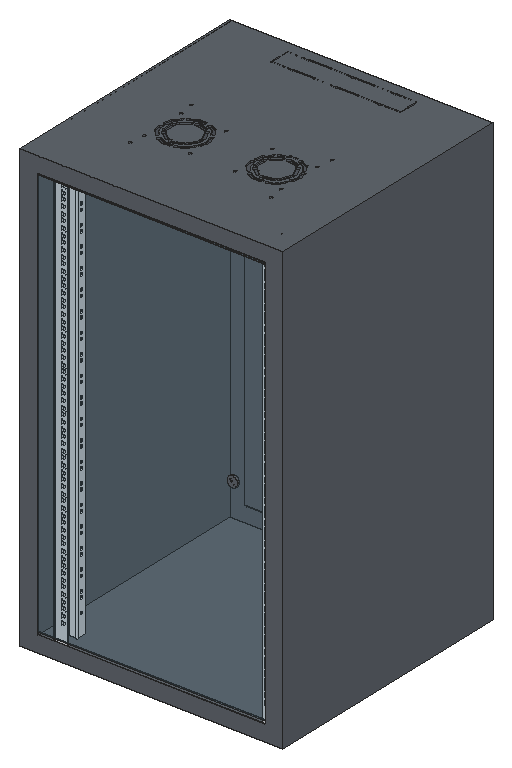
Revit family "Legrand Linkeo coffrets fixes avec panneaux latéraux fixes", category Equipement spécialisé, Revit 2020 (continued)
Automatic sketch dimensions
  Extrusion 6 sketch curve to Extrusion 6 sketch curve = 8.927 mm
  Extrusion 6 sketch curve to Extrusion 6 sketch curve = 11.415 mm
  Extrusion 6 sketch curve to Extrusion 6 sketch curve = 14.373 mm
  Extrusion 6 sketch curve to Extrusion 6 sketch curve = 4.245 mm  (x2)
  Extrusion 6 sketch curve to Extrusion 6 sketch curve = 35.501 mm
  Extrusion 6 sketch curve to Extrusion 6 sketch curve = 4.095 mm  (x2)
  Extrusion 6 sketch curve to Extrusion 6 sketch curve = 3.823 mm  (x4)
  Extrusion 6 sketch curve to Extrusion 6 sketch curve = 1.708 mm
  Extrusion 6 sketch curve to Extrusion 6 sketch curve = 3.836 mm  (x4)
  Extrusion 6 sketch curve to Extrusion 6 sketch curve = 1.734 mm  (x3)
  Extrusion 6 sketch curve to Extrusion 6 sketch curve = 0.931 mm  (x2)
  Extrusion 6 sketch curve to Extrusion 6 sketch curve = 0.96 mm  (x6)
  Extrusion 6 sketch curve to Extrusion 6 sketch curve = 0.197 mm  (x2)
  Extrusion 6 sketch curve to Extrusion 6 sketch curve = 2.138 mm
  Extrusion 6 sketch curve to Extrusion 6 sketch curve = 2.153 mm  (x2)
  Extrusion 6 sketch curve to Extrusion 6 sketch curve = 1.952 mm  (x2)
  Extrusion 6 sketch curve to Extrusion 6 sketch curve = 2.661 mm  (x2)
  Extrusion 6 sketch curve to Extrusion 6 sketch curve = 4.169 mm  (x2)
  Extrusion 6 sketch curve to Extrusion 6 sketch curve = 0.937 mm  (x2)
  Extrusion 6 sketch curve to Extrusion 6 sketch curve = 1.711 mm
  Extrusion 6 sketch curve to Extrusion 6 sketch curve = 2.14 mm
  Extrusion 6 sketch curve to Extrusion 6 sketch curve = 4.14 mm  (x2)
  Extrusion 6 sketch curve to Extrusion 6 sketch curve = 1.831 mm
  Extrusion 6 sketch curve to Extrusion 6 sketch curve = 1.857 mm
  Extrusion 6 sketch curve to Extrusion 6 sketch curve = 0.828 mm
  Extrusion 6 sketch curve to Extrusion 6 sketch curve = 2.801 mm
  Extrusion 57 sketch curve to Extrusion 57 sketch curve = 0.00 mm  (x120)
  Extrusion 57 sketch curve to Extrusion 57 sketch curve = 0.762 mm
  Extrusion 57 sketch curve to Extrusion 57 sketch curve = 0.023 mm
  Extrusion 57 sketch curve to Extrusion 57 sketch curve = 4.093 mm
  Extrusion 57 sketch curve to Extrusion 57 sketch curve = 4.13 mm
  Extrusion 57 sketch curve to Extrusion 57 sketch curve = 5.00 mm
  Extrusion 57 sketch curve to Extrusion 57 sketch curve = 0.108 mm
  Extrusion 57 sketch curve to Extrusion 57 sketch curve = 4.413 mm
  Extrusion 57 sketch curve to Extrusion 57 sketch curve = 4.114 mm
  Extrusion 57 sketch curve to Extrusion 57 sketch curve = 4.40 mm  (x2)
  Extrusion 57 sketch curve to Extrusion 57 sketch curve = 4.094 mm  (x2)
  Extrusion 57 sketch curve to Extrusion 57 sketch curve = 2.16 mm
  Extrusion 57 sketch curve to Extrusion 57 sketch curve = 4.116 mm
  Extrusion 57 sketch curve to Extrusion 57 sketch curve = 3.397 mm  (x3)
  Extrusion 57 sketch curve to Extrusion 57 sketch curve = 1.819 mm
  Extrusion 57 sketch curve to Extrusion 57 sketch curve = 6.141 mm  (x2)
  Extrusion 57 sketch curve to Extrusion 57 sketch curve = 6.001 mm
  Extrusion 57 sketch curve to Extrusion 57 sketch curve = 3.835 mm
  Extrusion 57 sketch curve to Extrusion 57 sketch curve = 9.917 mm
  Extrusion 57 sketch curve to Extrusion 57 sketch curve = 3.82 mm  (x3)
  Extrusion 57 sketch curve to Extrusion 57 sketch curve = 1.732 mm
  Extrusion 57 sketch curve to Extrusion 57 sketch curve = 9.679 mm
  Extrusion 57 sketch curve to Extrusion 57 sketch curve = 1.665 mm  (x3)
  Extrusion 57 sketch curve to Extrusion 57 sketch curve = 2.774 mm  (x2)
  Extrusion 57 sketch curve to Extrusion 57 sketch curve = 2.712 mm  (x2)
  Extrusion 57 sketch curve to Extrusion 57 sketch curve = 10.829 mm
  Extrusion 57 sketch curve to Extrusion 57 sketch curve = 1.693 mm
  Extrusion 57 sketch curve to Extrusion 57 sketch curve = 3.832 mm
  Extrusion 57 sketch curve to Extrusion 57 sketch curve = 9.752 mm  (x2)
  Extrusion 57 sketch curve to Extrusion 57 sketch curve = 9.79 mm
  Extrusion 57 sketch curve to Extrusion 57 sketch curve = 0.927 mm  (x2)
  Extrusion 57 sketch curve to Extrusion 57 sketch curve = 0.956 mm
  Extrusion 57 sketch curve to Extrusion 57 sketch curve = 2.537 mm  (x2)
  Extrusion 57 sketch curve to Extrusion 57 sketch curve = 2.679 mm
  Extrusion 57 sketch curve to Extrusion 57 sketch curve = 1.73 mm  (x2)
  Extrusion 57 sketch curve to Extrusion 57 sketch curve = 1.661 mm
  Extrusion 57 sketch curve to Extrusion 57 sketch curve = 11.228 mm  (x2)
  Extrusion 57 sketch curve to Extrusion 57 sketch curve = 12.747 mm
  Extrusion 57 sketch curve to Extrusion 57 sketch curve = 0.068 mm
  Extrusion 57 sketch curve to Extrusion 57 sketch curve = 0.071 mm
  Extrusion 57 sketch curve to Extrusion 57 sketch curve = 0.193 mm  (x2)
  Extrusion 57 sketch curve to Extrusion 57 sketch curve = 6.551 mm  (x2)
  Extrusion 57 sketch curve to Extrusion 57 sketch curve = 0.934 mm  (x2)
  Extrusion 57 sketch curve to Extrusion 57 sketch curve = 7.601 mm
  Extrusion 57 sketch curve to Extrusion 57 sketch curve = 0.929 mm  (x2)
  Extrusion 57 sketch curve to Extrusion 57 sketch curve = 9.29 mm
  Extrusion 57 sketch curve to Extrusion 57 sketch curve = 8.798 mm  (x2)
  Extrusion 57 sketch curve to Extrusion 57 sketch curve = 0.739 mm  (x2)
  Extrusion 57 sketch curve to Extrusion 57 sketch curve = 7.749 mm  (x2)
  Extrusion 57 sketch curve to Extrusion 57 sketch curve = 0.201 mm  (x2)
  Extrusion 57 sketch curve to Extrusion 57 sketch curve = 7.182 mm
  Extrusion 57 sketch curve to Extrusion 57 sketch curve = 2.017 mm
  Extrusion 57 sketch curve to Extrusion 57 sketch curve = 2.659 mm  (x3)
  Extrusion 57 sketch curve to Extrusion 57 sketch curve = 11.278 mm
  Extrusion 57 sketch curve to Extrusion 57 sketch curve = 2.638 mm  (x6)
  Extrusion 57 sketch curve to Extrusion 57 sketch curve = 7.453 mm
  Extrusion 57 sketch curve to Extrusion 57 sketch curve = 7.509 mm  (x2)
  Extrusion 57 sketch curve to Extrusion 57 sketch curve = 1.957 mm  (x2)
  Extrusion 57 sketch curve to Extrusion 57 sketch curve = 2.02 mm  (x3)
  Extrusion 57 sketch curve to Extrusion 57 sketch curve = 2.023 mm
  Extrusion 57 sketch curve to Extrusion 57 sketch curve = 7.608 mm  (x2)
  Extrusion 57 sketch curve to Extrusion 57 sketch curve = 7.784 mm
  Extrusion 57 sketch curve to Extrusion 57 sketch curve = 0.664 mm  (x2)
  Extrusion 57 sketch curve to Extrusion 57 sketch curve = 1.373 mm
  Extrusion 57 sketch curve to Extrusion 57 sketch curve = 1.477 mm
  Extrusion 57 sketch curve to Extrusion 57 sketch curve = 2.658 mm  (x2)
  Extrusion 57 sketch curve to Extrusion 57 sketch curve = 2.635 mm  (x2)
  Extrusion 57 sketch curve to Extrusion 57 sketch curve = 3.199 mm
  Extrusion 57 sketch curve to Extrusion 57 sketch curve = 3.244 mm
  Extrusion 57 sketch curve to Extrusion 57 sketch curve = 4.25 mm  (x8)
  Extrusion 57 sketch curve to Extrusion 57 sketch curve = 5.15 mm  (x2)
  Extrusion 57 sketch curve to Extrusion 57 sketch curve = 3.196 mm  (x3)
  Extrusion 57 sketch curve to Extrusion 57 sketch curve = 3.248 mm
  Extrusion 57 sketch curve to Extrusion 57 sketch curve = 2.099 mm
  Extrusion 57 sketch curve to Extrusion 57 sketch curve = 8.755 mm  (x2)
  Extrusion 57 sketch curve to Extrusion 57 sketch curve = 3.947 mm  (x2)
  Extrusion 57 sketch curve to Extrusion 57 sketch curve = 3.981 mm  (x2)
  Extrusion 57 sketch curve to Extrusion 57 sketch curve = 9.129 mm
  Extrusion 57 sketch curve to Extrusion 57 sketch curve = 3.194 mm
  Extrusion 57 sketch curve to Extrusion 57 sketch curve = 9.259 mm
  Extrusion 57 sketch curve to Extrusion 57 sketch curve = 0.974 mm  (x2)
  Extrusion 57 sketch curve to Extrusion 57 sketch curve = 4.183 mm  (x3)
  Extrusion 57 sketch curve to Extrusion 57 sketch curve = 12.801 mm
  Extrusion 57 sketch curve to Extrusion 57 sketch curve = 12.446 mm
  Extrusion 57 sketch curve to Extrusion 57 sketch curve = 98.699 mm
  Extrusion 57 sketch curve to Extrusion 57 sketch curve = 0.02 mm
  Extrusion 57 sketch curve to Extrusion 57 sketch curve = 4.096 mm
  Extrusion 57 sketch curve to Extrusion 57 sketch curve = 4.128 mm
  Extrusion 57 sketch curve to Extrusion 57 sketch curve = 0.11 mm
  Extrusion 57 sketch curve to Extrusion 57 sketch curve = 4.218 mm
  Extrusion 57 sketch curve to Extrusion 57 sketch curve = 4.415 mm
  Extrusion 57 sketch curve to Extrusion 57 sketch curve = 4.115 mm  (x2)
  Extrusion 57 sketch curve to Extrusion 57 sketch curve = 2.162 mm
  Extrusion 57 sketch curve to Extrusion 57 sketch curve = 3.395 mm
  Extrusion 57 sketch curve to Extrusion 57 sketch curve = 5.935 mm
  Extrusion 57 sketch curve to Extrusion 57 sketch curve = 3.442 mm  (x5)
  Extrusion 57 sketch curve to Extrusion 57 sketch curve = 9.844 mm
  Extrusion 57 sketch curve to Extrusion 57 sketch curve = 3.834 mm
  Extrusion 57 sketch curve to Extrusion 57 sketch curve = 6.233 mm
  Extrusion 57 sketch curve to Extrusion 57 sketch curve = 3.838 mm
  Extrusion 57 sketch curve to Extrusion 57 sketch curve = 11.649 mm
  Extrusion 57 sketch curve to Extrusion 57 sketch curve = 3.445 mm
  Extrusion 57 sketch curve to Extrusion 57 sketch curve = 1.663 mm
  Extrusion 57 sketch curve to Extrusion 57 sketch curve = 6.879 mm
  Extrusion 57 sketch curve to Extrusion 57 sketch curve = 1.596 mm
  Extrusion 57 sketch curve to Extrusion 57 sketch curve = 3.825 mm
  Extrusion 57 sketch curve to Extrusion 57 sketch curve = 9.789 mm
  Extrusion 57 sketch curve to Extrusion 57 sketch curve = 0.957 mm
  Extrusion 57 sketch curve to Extrusion 57 sketch curve = 2.681 mm
  Extrusion 57 sketch curve to Extrusion 57 sketch curve = 1.662 mm
  Extrusion 57 sketch curve to Extrusion 57 sketch curve = 12.746 mm
  Extrusion 57 sketch curve to Extrusion 57 sketch curve = 0.119 mm
  Extrusion 57 sketch curve to Extrusion 57 sketch curve = 0.121 mm
  Extrusion 57 sketch curve to Extrusion 57 sketch curve = 7.502 mm
  Extrusion 57 sketch curve to Extrusion 57 sketch curve = 7.853 mm
  Extrusion 57 sketch curve to Extrusion 57 sketch curve = 1.018 mm
  Extrusion 57 sketch curve to Extrusion 57 sketch curve = 3.425 mm
  Extrusion 57 sketch curve to Extrusion 57 sketch curve = 10.093 mm
  Extrusion 57 sketch curve to Extrusion 57 sketch curve = 2.018 mm
  Extrusion 57 sketch curve to Extrusion 57 sketch curve = 7.782 mm
  Extrusion 57 sketch curve to Extrusion 57 sketch curve = 2.656 mm
  Extrusion 57 sketch curve to Extrusion 57 sketch curve = 1.916 mm
  Extrusion 57 sketch curve to Extrusion 57 sketch curve = 2.086 mm
  Extrusion 57 sketch curve to Extrusion 57 sketch curve = 3.246 mm  (x3)
  Extrusion 57 sketch curve to Extrusion 57 sketch curve = 8.844 mm
  Extrusion 57 sketch curve to Extrusion 57 sketch curve = 4.946 mm
  Extrusion 57 sketch curve to Extrusion 57 sketch curve = 9.339 mm
  Extrusion 57 sketch curve to Extrusion 57 sketch curve = 4.182 mm  (x2)
  Extrusion 57 sketch curve to Extrusion 57 sketch curve = 3.193 mm
  Extrusion 57 sketch curve to Extrusion 57 sketch curve = 4.17 mm  (x2)
  Extrusion 57 sketch curve to Extrusion 57 sketch curve = 12.448 mm
  Extrusion 57 sketch curve to Extrusion 57 sketch curve = 16.00 mm
  Extrusion 57 sketch curve to Extrusion 57 sketch curve = 4.998 mm  (x2)
  Extrusion 57 sketch curve to Extrusion 57 sketch curve = 32.934 mm  (x2)
  Extrusion 57 sketch curve to Extrusion 57 sketch curve = 0.039 mm  (x3)
  Extrusion 57 sketch curve to Extrusion 57 sketch curve = 0.04 mm
  Extrusion 57 sketch curve to Extrusion 57 sketch curve = 2.498 mm
  Extrusion 57 sketch curve to Extrusion 57 sketch curve = 35.498 mm
  Extrusion 57 sketch curve to Extrusion 57 sketch curve = 2.525 mm
  Extrusion 57 sketch curve to Extrusion 57 sketch curve = 2.566 mm
  Extrusion 57 sketch curve to Extrusion 57 sketch curve = 35.50 mm  (x2)
  Extrusion 57 sketch curve to Extrusion 57 sketch curve = 3.741 mm  (x2)
  Extrusion 57 sketch curve to Extrusion 57 sketch curve = 3.74 mm
  Extrusion 57 sketch curve to Extrusion 57 sketch curve = 4.248 mm
  Extrusion 57 sketch curve to Extrusion 57 sketch curve = 0.951 mm
  Extrusion 57 sketch curve to Extrusion 57 sketch curve = 2.405 mm
  Extrusion 57 sketch curve to Extrusion 57 sketch curve = 1.097 mm
  Extrusion 57 sketch curve to Extrusion 57 sketch curve = 7.843 mm
  Extrusion 57 sketch curve to Extrusion 57 sketch curve = 4.281 mm
  Extrusion 57 sketch curve to Extrusion 57 sketch curve = 2.551 mm
  Extrusion 57 sketch curve to Extrusion 57 sketch curve = 2.552 mm
  Extrusion 57 sketch curve to Extrusion 57 sketch curve = 1.356 mm
  Extrusion 57 sketch curve to Extrusion 57 sketch curve = 3.912 mm  (x2)
  Extrusion 57 sketch curve to Extrusion 57 sketch curve = 3.738 mm
  Extrusion 57 sketch curve to Extrusion 57 sketch curve = 3.56 mm
  Extrusion 57 sketch curve to Extrusion 57 sketch curve = 3.911 mm
  Extrusion 57 sketch curve to Extrusion 57 sketch curve = 0.382 mm
  Extrusion 57 sketch curve to Extrusion 57 sketch curve = 7.868 mm
  Extrusion 57 sketch curve to Extrusion 57 sketch curve = 11.634 mm
  Extrusion 57 sketch curve to Extrusion 57 sketch curve = 5.35 mm
  Extrusion 57 sketch curve to Extrusion 57 sketch curve = 5.352 mm
  Extrusion 57 sketch curve to Extrusion 57 sketch curve = 3.464 mm  (x2)
  Extrusion 57 sketch curve to Extrusion 57 sketch curve = 6.063 mm
  Extrusion 57 sketch curve to Extrusion 57 sketch curve = 6.064 mm
  Extrusion 57 sketch curve to Extrusion 57 sketch curve = 3.332 mm  (x2)
  Extrusion 57 sketch curve to Extrusion 57 sketch curve = 3.713 mm
  Extrusion 57 sketch curve to Extrusion 57 sketch curve = 2.743 mm  (x2)
  Extrusion 57 sketch curve to Extrusion 57 sketch curve = 2.741 mm
  Extrusion 57 sketch curve to Extrusion 57 sketch curve = 4.141 mm  (x2)
  Extrusion 57 sketch curve to Extrusion 57 sketch curve = 10.631 mm
  Extrusion 57 sketch curve to Extrusion 57 sketch curve = 13.187 mm
  Extrusion 57 sketch curve to Extrusion 57 sketch curve = 2.556 mm
  Extrusion 57 sketch curve to Extrusion 57 sketch curve = 2.554 mm
  Extrusion 57 sketch curve to Extrusion 57 sketch curve = 0.959 mm
  Extrusion 57 sketch curve to Extrusion 57 sketch curve = 11.318 mm
  Extrusion 57 sketch curve to Extrusion 57 sketch curve = 7.433 mm
  Extrusion 57 sketch curve to Extrusion 57 sketch curve = 10.179 mm
  Extrusion 57 sketch curve to Extrusion 57 sketch curve = 1.837 mm
  Extrusion 57 sketch curve to Extrusion 57 sketch curve = 1.674 mm
  Extrusion 57 sketch curve to Extrusion 57 sketch curve = 0.749 mm
  Extrusion 57 sketch curve to Extrusion 57 sketch curve = 2.423 mm
  Extrusion 57 sketch curve to Extrusion 57 sketch curve = 3.335 mm  (x2)
  Extrusion 57 sketch curve to Extrusion 57 sketch curve = 1.873 mm  (x2)
  Extrusion 57 sketch curve to Extrusion 57 sketch curve = 10.88 mm
  Extrusion 57 sketch curve to Extrusion 57 sketch curve = 10.883 mm
  Extrusion 57 sketch curve to Extrusion 57 sketch curve = 1.142 mm
  Extrusion 57 sketch curve to Extrusion 57 sketch curve = 1.14 mm
  Extrusion 57 sketch curve to Extrusion 57 sketch curve = 9.533 mm
  Extrusion 57 sketch curve to Extrusion 57 sketch curve = 9.534 mm
  Extrusion 57 sketch curve to Extrusion 57 sketch curve = 0.011 mm
  Extrusion 57 sketch curve to Extrusion 57 sketch curve = 0.01 mm
  Extrusion 57 sketch curve to Extrusion 57 sketch curve = 8.315 mm
  Extrusion 57 sketch curve to Extrusion 57 sketch curve = 8.317 mm
  Extrusion 57 sketch curve to Extrusion 57 sketch curve = 4.075 mm  (x2)
  Extrusion 57 sketch curve to Extrusion 57 sketch curve = 4.082 mm
  Extrusion 57 sketch curve to Extrusion 57 sketch curve = 0.758 mm
  Extrusion 57 sketch curve to Extrusion 57 sketch curve = 0.75 mm
  Extrusion 57 sketch curve to Extrusion 57 sketch curve = 1.832 mm
  Extrusion 57 sketch curve to Extrusion 57 sketch curve = 1.833 mm
  Extrusion 57 sketch curve to Extrusion 57 sketch curve = 6.438 mm
  Extrusion 57 sketch curve to Extrusion 57 sketch curve = 6.449 mm
  Extrusion 57 sketch curve to Extrusion 57 sketch curve = 1.144 mm
  Extrusion 57 sketch curve to Extrusion 57 sketch curve = 1.135 mm
  Extrusion 57 sketch curve to Extrusion 57 sketch curve = 9.734 mm
  Extrusion 57 sketch curve to Extrusion 57 sketch curve = 1.864 mm
  Extrusion 57 sketch curve to Extrusion 57 sketch curve = 9.773 mm
  Extrusion 57 sketch curve to Extrusion 57 sketch curve = 11.668 mm
  Extrusion 57 sketch curve to Extrusion 57 sketch curve = 13.243 mm
  Extrusion 57 sketch curve to Extrusion 57 sketch curve = 0.82 mm
  Extrusion 57 sketch curve to Extrusion 57 sketch curve = 4.72 mm
  Extrusion 57 sketch curve to Extrusion 57 sketch curve = 5.555 mm
  Extrusion 57 sketch curve to Extrusion 57 sketch curve = 0.015 mm  (x2)
  Extrusion 57 sketch curve to Extrusion 57 sketch curve = 9.069 mm
  Extrusion 57 sketch curve to Extrusion 57 sketch curve = 1.059 mm
  Extrusion 57 sketch curve to Extrusion 57 sketch curve = 10.127 mm
  Extrusion 57 sketch curve to Extrusion 57 sketch curve = 1.063 mm
  Extrusion 57 sketch curve to Extrusion 57 sketch curve = 9.504 mm
  Extrusion 57 sketch curve to Extrusion 57 sketch curve = 9.519 mm
  Extrusion 57 sketch curve to Extrusion 57 sketch curve = 0.888 mm  (x2)
  Extrusion 57 sketch curve to Extrusion 57 sketch curve = 1.945 mm  (x2)
  Extrusion 57 sketch curve to Extrusion 57 sketch curve = 0.83 mm
  Extrusion 57 sketch curve to Extrusion 57 sketch curve = 0.835 mm
  Extrusion 57 sketch curve to Extrusion 57 sketch curve = 9.576 mm
  Extrusion 57 sketch curve to Extrusion 57 sketch curve = 18.645 mm
  Extrusion 57 sketch curve to Extrusion 57 sketch curve = 3.316 mm  (x3)
  Extrusion 57 sketch curve to Extrusion 57 sketch curve = 3.318 mm
  Extrusion 57 sketch curve to Extrusion 57 sketch curve = 9.348 mm
  Extrusion 57 sketch curve to Extrusion 57 sketch curve = 1.863 mm
  Extrusion 57 sketch curve to Extrusion 57 sketch curve = 1.862 mm
  Extrusion 57 sketch curve to Extrusion 57 sketch curve = 2.493 mm  (x3)
  Extrusion 57 sketch curve to Extrusion 57 sketch curve = 12.899 mm
  Extrusion 57 sketch curve to Extrusion 57 sketch curve = 7.351 mm
  Extrusion 57 sketch curve to Extrusion 57 sketch curve = 10.962 mm
  Extrusion 57 sketch curve to Extrusion 57 sketch curve = 0.294 mm
  Extrusion 57 sketch curve to Extrusion 57 sketch curve = 9.196 mm
  Extrusion 57 sketch curve to Extrusion 57 sketch curve = 9.197 mm
  Extrusion 57 sketch curve to Extrusion 57 sketch curve = 1.621 mm
  Extrusion 57 sketch curve to Extrusion 57 sketch curve = 1.622 mm
  Extrusion 57 sketch curve to Extrusion 57 sketch curve = 2.798 mm
  Extrusion 57 sketch curve to Extrusion 57 sketch curve = 10.148 mm
  Extrusion 57 sketch curve to Extrusion 57 sketch curve = 9.556 mm
  Extrusion 57 sketch curve to Extrusion 57 sketch curve = 4.148 mm  (x2)
  Extrusion 57 sketch curve to Extrusion 57 sketch curve = 4.147 mm  (x2)
  Extrusion 57 sketch curve to Extrusion 57 sketch curve = 0.521 mm  (x2)
  Extrusion 57 sketch curve to Extrusion 57 sketch curve = 3.415 mm  (x2)
  Extrusion 57 sketch curve to Extrusion 57 sketch curve = 2.489 mm
  Extrusion 57 sketch curve to Extrusion 57 sketch curve = 3.773 mm  (x2)
  Extrusion 57 sketch curve to Extrusion 57 sketch curve = 6.194 mm  (x2)
  Extrusion 57 sketch curve to Extrusion 57 sketch curve = 3.579 mm  (x2)
  Extrusion 57 sketch curve to Extrusion 57 sketch curve = 7.574 mm
  Extrusion 57 sketch curve to Extrusion 57 sketch curve = 7.575 mm
  Extrusion 57 sketch curve to Extrusion 57 sketch curve = 3.882 mm  (x2)
  Extrusion 57 sketch curve to Extrusion 57 sketch curve = 4.246 mm  (x2)
  Extrusion 57 sketch curve to Extrusion 57 sketch curve = 4.298 mm  (x2)
  Extrusion 57 sketch curve to Extrusion 57 sketch curve = 17.173 mm
  Extrusion 57 sketch curve to Extrusion 57 sketch curve = 8.927 mm
  Extrusion 57 sketch curve to Extrusion 57 sketch curve = 11.415 mm
  Extrusion 57 sketch curve to Extrusion 57 sketch curve = 14.373 mm
  Extrusion 57 sketch curve to Extrusion 57 sketch curve = 4.245 mm  (x2)
  Extrusion 57 sketch curve to Extrusion 57 sketch curve = 35.501 mm
  Extrusion 57 sketch curve to Extrusion 57 sketch curve = 4.095 mm  (x2)
  Extrusion 57 sketch curve to Extrusion 57 sketch curve = 3.823 mm  (x4)
  Extrusion 57 sketch curve to Extrusion 57 sketch curve = 1.708 mm
  Extrusion 57 sketch curve to Extrusion 57 sketch curve = 3.836 mm  (x4)
  Extrusion 57 sketch curve to Extrusion 57 sketch curve = 1.734 mm  (x3)
  Extrusion 57 sketch curve to Extrusion 57 sketch curve = 0.931 mm  (x2)
  Extrusion 57 sketch curve to Extrusion 57 sketch curve = 0.96 mm  (x6)
  Extrusion 57 sketch curve to Extrusion 57 sketch curve = 0.197 mm  (x2)
  Extrusion 57 sketch curve to Extrusion 57 sketch curve = 2.138 mm
  Extrusion 57 sketch curve to Extrusion 57 sketch curve = 2.153 mm  (x2)
  Extrusion 57 sketch curve to Extrusion 57 sketch curve = 1.952 mm  (x2)
  Extrusion 57 sketch curve to Extrusion 57 sketch curve = 2.661 mm  (x2)
  Extrusion 57 sketch curve to Extrusion 57 sketch curve = 4.169 mm  (x2)
  Extrusion 57 sketch curve to Extrusion 57 sketch curve = 0.937 mm  (x2)
  Extrusion 57 sketch curve to Extrusion 57 sketch curve = 1.711 mm
  Extrusion 57 sketch curve to Extrusion 57 sketch curve = 2.14 mm
  Extrusion 57 sketch curve to Extrusion 57 sketch curve = 4.14 mm  (x2)
  Extrusion 57 sketch curve to Extrusion 57 sketch curve = 1.831 mm
  Extrusion 57 sketch curve to Extrusion 57 sketch curve = 1.857 mm
  Extrusion 57 sketch curve to Extrusion 57 sketch curve = 0.828 mm
  Extrusion 57 sketch curve to Extrusion 57 sketch curve = 2.801 mm
  Extrusion 58 sketch curve to Extrusion 58 sketch curve = 0.00 mm
  Extrusion 58 sketch curve to Extrusion 58 sketch curve = 9.50 mm  (x4)
  Extrusion 58 sketch curve to Extrusion 58 sketch curve = 22.25 mm
  Extrusion 59 sketch curve to Extrusion 59 sketch curve = 9.50 mm  (x2)
  Extrusion 60 sketch curve to Extrusion 60 sketch curve = 0.00 mm
  Extrusion 60 sketch curve to Extrusion 60 sketch curve = 9.50 mm  (x4)
  Extrusion 60 sketch curve to Extrusion 60 sketch curve = 22.25 mm
  Extrusion 61 sketch curve to Extrusion 61 sketch curve = 9.50 mm  (x2)
  Extrusion 62 sketch curve to Extrusion 62 sketch curve = 0.00 mm
  Extrusion 62 sketch curve to Extrusion 62 sketch curve = 9.50 mm  (x4)
  Extrusion 62 sketch curve to Extrusion 62 sketch curve = 22.25 mm
  Extrusion 63 sketch curve to Extrusion 63 sketch curve = 9.50 mm  (x2)
  Extrusion 64 sketch curve to Extrusion 64 sketch curve = 0.00 mm
  Extrusion 64 sketch curve to Extrusion 64 sketch curve = 9.50 mm  (x4)
  Extrusion 64 sketch curve to Extrusion 64 sketch curve = 22.25 mm
  Extrusion 65 sketch curve to Extrusion 65 sketch curve = 9.50 mm  (x2)
  Extrusion 66 sketch curve to Extrusion 66 sketch curve = 0.00 mm
  Extrusion 66 sketch curve to Extrusion 66 sketch curve = 9.50 mm  (x4)
  Extrusion 66 sketch curve to Extrusion 66 sketch curve = 22.25 mm
  Extrusion 67 sketch curve to Extrusion 67 sketch curve = 9.50 mm  (x2)
  Extrusion 68 sketch curve to Extrusion 68 sketch curve = 0.00 mm
  Extrusion 68 sketch curve to Extrusion 68 sketch curve = 9.50 mm  (x4)
  Extrusion 68 sketch curve to Extrusion 68 sketch curve = 22.25 mm
  Extrusion 69 sketch curve to Extrusion 69 sketch curve = 9.50 mm  (x2)
  Extrusion 70 sketch curve to Extrusion 70 sketch curve = 9.50 mm  (x2)
  Extrusion 71 sketch curve to Extrusion 71 sketch curve = 9.50 mm  (x2)
  Extrusion 72 sketch curve to Extrusion 72 sketch curve = 9.50 mm  (x2)
  Extrusion 73 sketch curve to Extrusion 73 sketch curve = 9.50 mm  (x2)
  Extrusion 74 sketch curve to Extrusion 74 sketch curve = 9.50 mm  (x2)
  Extrusion 75 sketch curve to Extrusion 75 sketch curve = 9.50 mm  (x2)
  Extrusion 76 sketch curve to Extrusion 76 sketch curve = 0.00 mm
  Extrusion 76 sketch curve to Extrusion 76 sketch curve = 9.50 mm  (x4)
  Extrusion 76 sketch curve to Extrusion 76 sketch curve = 22.25 mm
  Extrusion 77 sketch curve to Extrusion 77 sketch curve = 9.50 mm  (x2)
  Extrusion 78 sketch curve to Extrusion 78 sketch curve = 0.00 mm
  Extrusion 78 sketch curve to Extrusion 78 sketch curve = 9.50 mm  (x4)
  Extrusion 78 sketch curve to Extrusion 78 sketch curve = 22.25 mm
  Extrusion 79 sketch curve to Extrusion 79 sketch curve = 9.50 mm  (x2)
  Extrusion 80 sketch curve to Extrusion 80 sketch curve = 0.00 mm
  Extrusion 80 sketch curve to Extrusion 80 sketch curve = 9.50 mm  (x4)
  Extrusion 80 sketch curve to Extrusion 80 sketch curve = 22.25 mm
  Extrusion 81 sketch curve to Extrusion 81 sketch curve = 9.50 mm  (x2)
  Extrusion 82 sketch curve to Extrusion 82 sketch curve = 0.00 mm
  Extrusion 82 sketch curve to Extrusion 82 sketch curve = 9.50 mm  (x4)
  Extrusion 82 sketch curve to Extrusion 82 sketch curve = 22.25 mm
  Extrusion 83 sketch curve to Extrusion 83 sketch curve = 9.50 mm  (x2)
  Extrusion 84 sketch curve to Extrusion 84 sketch curve = 0.00 mm
  Extrusion 84 sketch curve to Extrusion 84 sketch curve = 9.50 mm  (x4)
  Extrusion 84 sketch curve to Extrusion 84 sketch curve = 22.25 mm
  Extrusion 85 sketch curve to Extrusion 85 sketch curve = 9.50 mm  (x2)
  Extrusion 86 sketch curve to Extrusion 86 sketch curve = 0.00 mm
  Extrusion 86 sketch curve to Extrusion 86 sketch curve = 9.50 mm  (x4)
  Extrusion 86 sketch curve to Extrusion 86 sketch curve = 22.25 mm
  Extrusion 87 sketch curve to Extrusion 87 sketch curve = 9.50 mm  (x2)
  Extrusion 88 sketch curve to Extrusion 88 sketch curve = 9.50 mm  (x2)
  Extrusion 89 sketch curve to Extrusion 89 sketch curve = 9.50 mm  (x2)
  Extrusion 90 sketch curve to Extrusion 90 sketch curve = 9.50 mm  (x2)
  Extrusion 91 sketch curve to Extrusion 91 sketch curve = 9.50 mm  (x2)
  Extrusion 92 sketch curve to Extrusion 92 sketch curve = 9.50 mm  (x2)
  Extrusion 93 sketch curve to Extrusion 93 sketch curve = 9.50 mm  (x2)
  Extrusion 94 sketch curve to Extrusion 94 sketch curve = 0.00 mm
  Extrusion 94 sketch curve to Extrusion 94 sketch curve = 9.50 mm  (x4)
  Extrusion 94 sketch curve to Extrusion 94 sketch curve = 22.25 mm
  Extrusion 95 sketch curve to Extrusion 95 sketch curve = 9.50 mm  (x2)
  Extrusion 96 sketch curve to Extrusion 96 sketch curve = 0.00 mm
  Extrusion 96 sketch curve to Extrusion 96 sketch curve = 9.50 mm  (x4)
  Extrusion 96 sketch curve to Extrusion 96 sketch curve = 22.25 mm
  Extrusion 97 sketch curve to Extrusion 97 sketch curve = 9.50 mm  (x2)
  Extrusion 98 sketch curve to Extrusion 98 sketch curve = 0.00 mm
  Extrusion 98 sketch curve to Extrusion 98 sketch curve = 9.50 mm  (x4)
  Extrusion 98 sketch curve to Extrusion 98 sketch curve = 22.25 mm
  Extrusion 99 sketch curve to Extrusion 99 sketch curve = 9.50 mm  (x2)
  Extrusion 100 sketch curve to Extrusion 100 sketch curve = 0.00 mm
  Extrusion 100 sketch curve to Extrusion 100 sketch curve = 9.50 mm  (x4)
  Extrusion 100 sketch curve to Extrusion 100 sketch curve = 22.25 mm
  Extrusion 101 sketch curve to Extrusion 101 sketch curve = 9.50 mm  (x2)
  Extrusion 102 sketch curve to Extrusion 102 sketch curve = 0.00 mm
  Extrusion 102 sketch curve to Extrusion 102 sketch curve = 9.50 mm  (x4)
  Extrusion 102 sketch curve to Extrusion 102 sketch curve = 22.25 mm
  Extrusion 103 sketch curve to Extrusion 103 sketch curve = 9.50 mm  (x2)
  Extrusion 104 sketch curve to Extrusion 104 sketch curve = 0.00 mm
  Extrusion 104 sketch curve to Extrusion 104 sketch curve = 9.50 mm  (x4)
  Extrusion 104 sketch curve to Extrusion 104 sketch curve = 22.25 mm
  Extrusion 105 sketch curve to Extrusion 105 sketch curve = 9.50 mm  (x2)
  Extrusion 106 sketch curve to Extrusion 106 sketch curve = 9.50 mm  (x2)
  Extrusion 107 sketch curve to Extrusion 107 sketch curve = 9.50 mm  (x2)
  Extrusion 108 sketch curve to Extrusion 108 sketch curve = 9.50 mm  (x2)
  Extrusion 109 sketch curve to Extrusion 109 sketch curve = 9.50 mm  (x2)
  Extrusion 110 sketch curve to Extrusion 110 sketch curve = 9.50 mm  (x2)
  Extrusion 111 sketch curve to Extrusion 111 sketch curve = 9.50 mm  (x2)
  Extrusion 112 sketch curve to Extrusion 112 sketch curve = 0.00 mm
  Extrusion 112 sketch curve to Extrusion 112 sketch curve = 9.50 mm  (x4)
  Extrusion 112 sketch curve to Extrusion 112 sketch curve = 22.25 mm
  Extrusion 113 sketch curve to Extrusion 113 sketch curve = 9.50 mm  (x2)
  Extrusion 114 sketch curve to Extrusion 114 sketch curve = 0.00 mm
  Extrusion 114 sketch curve to Extrusion 114 sketch curve = 9.50 mm  (x4)
  Extrusion 114 sketch curve to Extrusion 114 sketch curve = 22.25 mm
  Extrusion 115 sketch curve to Extrusion 115 sketch curve = 9.50 mm  (x2)
  Extrusion 116 sketch curve to Extrusion 116 sketch curve = 0.00 mm
  Extrusion 116 sketch curve to Extrusion 116 sketch curve = 9.50 mm  (x4)
  Extrusion 116 sketch curve to Extrusion 116 sketch curve = 22.25 mm
  Extrusion 117 sketch curve to Extrusion 117 sketch curve = 9.50 mm  (x2)
  Extrusion 118 sketch curve to Extrusion 118 sketch curve = 0.00 mm
  Extrusion 118 sketch curve to Extrusion 118 sketch curve = 9.50 mm  (x4)
  Extrusion 118 sketch curve to Extrusion 118 sketch curve = 22.25 mm
  Extrusion 119 sketch curve to Extrusion 119 sketch curve = 9.50 mm  (x2)
  Extrusion 120 sketch curve to Extrusion 120 sketch curve = 0.00 mm
  Extrusion 120 sketch curve to Extrusion 120 sketch curve = 9.50 mm  (x4)
  Extrusion 120 sketch curve to Extrusion 120 sketch curve = 22.25 mm
  Extrusion 121 sketch curve to Extrusion 121 sketch curve = 9.50 mm  (x2)
  Extrusion 122 sketch curve to Extrusion 122 sketch curve = 0.00 mm
  Extrusion 122 sketch curve to Extrusion 122 sketch curve = 9.50 mm  (x4)
  Extrusion 122 sketch curve to Extrusion 122 sketch curve = 22.25 mm
  Extrusion 123 sketch curve to Extrusion 123 sketch curve = 9.50 mm  (x2)
  Extrusion 124 sketch curve to Extrusion 124 sketch curve = 9.50 mm  (x2)
  Extrusion 125 sketch curve to Extrusion 125 sketch curve = 9.50 mm  (x2)
  Extrusion 126 sketch curve to Extrusion 126 sketch curve = 9.50 mm  (x2)
  Extrusion 127 sketch curve to Extrusion 127 sketch curve = 9.50 mm  (x2)
  Extrusion 128 sketch curve to Extrusion 128 sketch curve = 9.50 mm  (x2)
  Extrusion 129 sketch curve to Extrusion 129 sketch curve = 9.50 mm  (x2)
  Extrusion 130 sketch curve to Extrusion 130 sketch curve = 0.00 mm
  Extrusion 130 sketch curve to Extrusion 130 sketch curve = 9.50 mm  (x4)
  Extrusion 130 sketch curve to Extrusion 130 sketch curve = 22.25 mm
  Extrusion 131 sketch curve to Extrusion 131 sketch curve = 9.50 mm  (x2)
  Extrusion 132 sketch curve to Extrusion 132 sketch curve = 0.00 mm
  Extrusion 132 sketch curve to Extrusion 132 sketch curve = 9.50 mm  (x4)
  Extrusion 132 sketch curve to Extrusion 132 sketch curve = 22.25 mm
  Extrusion 133 sketch curve to Extrusion 133 sketch curve = 9.50 mm  (x2)
  Extrusion 134 sketch curve to Extrusion 134 sketch curve = 0.00 mm
  Extrusion 134 sketch curve to Extrusion 134 sketch curve = 9.50 mm  (x4)
  Extrusion 134 sketch curve to Extrusion 134 sketch curve = 22.25 mm
  Extrusion 135 sketch curve to Extrusion 135 sketch curve = 9.50 mm  (x2)
  Extrusion 136 sketch curve to Extrusion 136 sketch curve = 0.00 mm
  Extrusion 136 sketch curve to Extrusion 136 sketch curve = 9.50 mm  (x4)
  Extrusion 136 sketch curve to Extrusion 136 sketch curve = 22.25 mm
  Extrusion 137 sketch curve to Extrusion 137 sketch curve = 9.50 mm  (x2)
  Extrusion 138 sketch curve to Extrusion 138 sketch curve = 0.00 mm
  Extrusion 138 sketch curve to Extrusion 138 sketch curve = 9.50 mm  (x4)
  Extrusion 138 sketch curve to Extrusion 138 sketch curve = 22.25 mm
  Extrusion 139 sketch curve to Extrusion 139 sketch curve = 9.50 mm  (x2)
  Extrusion 140 sketch curve to Extrusion 140 sketch curve = 0.00 mm
  Extrusion 140 sketch curve to Extrusion 140 sketch curve = 9.50 mm  (x4)
  Extrusion 140 sketch curve to Extrusion 140 sketch curve = 22.25 mm
  Extrusion 141 sketch curve to Extrusion 141 sketch curve = 9.50 mm  (x2)
  Extrusion 142 sketch curve to Extrusion 142 sketch curve = 9.50 mm  (x2)
  Extrusion 143 sketch curve to Extrusion 143 sketch curve = 9.50 mm  (x2)
  Extrusion 144 sketch curve to Extrusion 144 sketch curve = 9.50 mm  (x2)
  Extrusion 145 sketch curve to Extrusion 145 sketch curve = 9.50 mm  (x2)
  Extrusion 146 sketch curve to Extrusion 146 sketch curve = 9.50 mm  (x2)
  Extrusion 147 sketch curve to Extrusion 147 sketch curve = 9.50 mm  (x2)
  radius of Extrusion 53 sketch curve = 12.00 mm
  radius of Extrusion 55 sketch curve = 12.00 mm
  radius of Extrusion 6 sketch curve = 2.75 mm  (x12)
  radius of Extrusion 57 sketch curve = 2.75 mm  (x12)
Connectors
  electrical at (302.5, 148, 512.5)
    settings: on cut or joined group of Extrusion 1, Extrusion 2, Extrusion 3, Extrusion 6, Extrusion 7, Extrusion 8, Extrusion 40, index 1, voltage 0 V, apparent load 0 VA, apparent load phase1 0 VA, apparent load phase2 0 VA, apparent load phase3 0 VA, power factor 1, load classification "Autre", number of poles 1, system type 31, power factor state 1, is connector primary yes, connector utility no, sub classification motor no, connector description ""
Types (12, lengths in mm): name | Référence Legrand | Passage utile en hauteur (mm) | Nombre d'unités en hauteur | Lien e-catalogue | Libellé BIM | Profondeur (mm) | Hauteur (mm) | Fixation Y | EAN | Capacité de charge max
  Coffret fixe Legrand Linkeo 12U W600 D450 646202.rfa | "646202" | 555.00 | 12 | "https://www.legrand.fr/reference/646202/pro" | "Coffret fixe Legrand Linkeo 12U W600 D450 646202.rfa" | 454.00 | 625.00 | 419.00 | "3414970967794" | "36"
  Coffret fixe Legrand Linkeo 12U W600 D600 646212.rfa | "646212" | 555.00 | 12 | "https://www.legrand.fr/reference/646212/pro" | "Coffret fixe Legrand Linkeo 12U W600 D600 646212.rfa" | 604.00 | 625.00 | 419.00 | "3414970967855" | "36"
  Coffret fixe Legrand Linkeo 15U W600 D450 646203.rfa | "646203" | 688.00 | 15 | "https://www.legrand.fr/reference/646203/pro" | "Coffret fixe Legrand Linkeo 15U W600 D450 646203.rfa" | 454.00 | 759.00 | 552.00 | "3414970967800" | "45"
  Coffret fixe Legrand Linkeo 15U W600 D600 646213.rfa | "646213" | 688.00 | 15 | "https://www.legrand.fr/reference/646213/pro" | "Coffret fixe Legrand Linkeo 15U W600 D600 646213.rfa" | 604.00 | 759.00 | 552.00 | "3414970967862" | "45"
  Coffret fixe Legrand Linkeo 18U W600 D450 646204.rfa | "646204" | 821.00 | 18 | "https://www.legrand.fr/reference/646204/pro" | "Coffret fixe Legrand Linkeo 18U W600 D450 646204.rfa" | 454.00 | 892.00 | 685.00 | "3414970967817" | "54"
  Coffret fixe Legrand Linkeo 18U W600 D600 646214.rfa | "646214" | 821.00 | 18 | "https://www.legrand.fr/reference/646214/pro" | "Coffret fixe Legrand Linkeo 18U W600 D600 646214.rfa" | 604.00 | 892.00 | 685.00 | "3414970967879" | "54"
  Coffret fixe Legrand Linkeo 21U W600 D450 646205.rfa | "646205" | 955.00 | 21 | "https://www.legrand.fr/reference/646205/pro" | "Coffret fixe Legrand Linkeo 21U W600 D450 646205.rfa" | 454.00 | 1025.00 | 819.00 | "3414970967824" | "63"
  Coffret fixe Legrand Linkeo 21U W600 D600 646215.rfa | "646215" | 955.00 | 21 | "https://www.legrand.fr/reference/646215/pro" | "Coffret fixe Legrand Linkeo 21U W600 D600 646215.rfa" | 604.00 | 1025.00 | 819.00 | "3414970967886" | "63"
  Coffret fixe Legrand Linkeo 6U W600 D450 646200.rfa | "646200" | 288.00 | 6 | "https://www.legrand.fr/reference/646200/pro" | "Coffret fixe Legrand Linkeo 6U W600 D450 646200.rfa" | 454.00 | 359.00 | 152.00 | "3414970967770" | "18"
  Coffret fixe Legrand Linkeo 6U W600 D600 646210.rfa | "646210" | 288.00 | 6 | "https://www.legrand.fr/reference/646210/pro" | "Coffret fixe Legrand Linkeo 6U W600 D600 646210.rfa" | 604.00 | 359.00 | 152.00 | "3414970967831" | "18"
  Coffret fixe Legrand Linkeo 9U W600 D450 646201.rfa | "646201" | 422.00 | 9 | "https://www.legrand.fr/reference/646201/pro" | "Coffret fixe Legrand Linkeo 9U W600 D450 646201.rfa" | 454.00 | 492.00 | 286.00 | "3414970967787" | "27"
  Coffret fixe Legrand Linkeo 9U W600 D600 646211.rfa | "646211" | 422.00 | 9 | "https://www.legrand.fr/reference/646211/pro" | "Coffret fixe Legrand Linkeo 9U W600 D600 646211.rfa" | 604.00 | 492.00 | 286.00 | "3414970967848" | "27"
